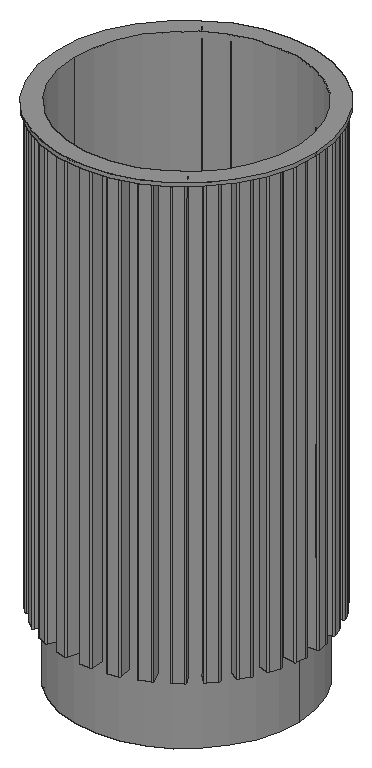
Revit family "55653 Урна «Стеллар Вуд» круглая Хоббика", category Антураж, Revit 2018
Family settings
  На основе рабочей плоскости = Нет
  Всегда вертикально = Да
  При загрузке вырезать с полостями = Нет
  Источник визуального образа = Геометрия семейства
  Общий = Нет
  Точка расчета площади = Нет
Parameters (values of type "Урна «Стеллар Вуд» круглая")
  Ширина = Диаметр  # 395 mm
  Цвет урны = Сталь
  Цвет отделки = Дерево
  Описание = "Урна «Стеллар Вуд» круглая"  # constant formula
  Материал изделия = "Сталь, дерево"  # constant formula
  Изображение типоразмера = Урна «Стеллар Вуд» круглая Арт 55653.jpg
  Изготовитель = "ООО «Хоббика»"  # constant formula
  Длина = Диаметр  # 395 mm
  Диаметр = 395 mm  # constant formula
  Группа модели = "Уличные урны"  # constant formula
  Высота = 785 mm  # constant formula
  Артикул товара = "Арт. 55653"  # constant formula
  URL = "https://hobbyka.ru/product/urna_stellar_kruglaya"
Reference planes
  plane 1 "По центру (Вперед/Назад)": y = 0
  plane 2: z = 0
  plane 3 "По центру (Влево/Вправо)": x = 0
  plane 4: x = 395
  plane 5: y = 395
  plane 6: z = 785
Forms (mm)
  Extrusion 1, solid, material "Сталь" <- "Цвет урны"
    sketch origin (0, 0, 0) x (1, 0, 0) y (0, 1, 0)
      loop
        circle (197.5, 197.5) r 172.5
    from 0 to 785
  Extrusion 2, void
    sketch origin (0, 0, 0) x (1, 0, 0) y (0, 1, 0)
      loop
        circle (197.5, 197.5) r 171
    from 1.5 to 785
  Extrusion 3, solid, material "Сталь" <- "Цвет урны"
    sketch origin (0, 0, 0) x (1, 0, 0) y (0, 1, 0)
      loop
        circle (197.5, 197.5) r 197.5
      loop
        circle (197.5, 197.5) r 172.5
    from 780 to 785
  Extrusion 4, solid, material "Дерево" <- "Цвет отделки"
    sketch origin (0, 0, 0) x (1, 0, 0) y (0, 1, 0)
      loop
        arc (190, 390) -> (188.232, 389.268) -> (187.5, 387.5) r 2.5
        line (187.5, 387.5) -> (187.5, 370) -> (207.5, 370) -> (207.5, 387.5)
        arc (207.5, 387.5) -> (206.768, 389.268) -> (205, 390) r 2.5
        line (205, 390) -> (190, 390)
    from 100 to 780
  Extrusion 5, solid, material "Дерево" <- "Цвет отделки"
    sketch origin (45.378, -36.747, 0) x (0.978148, 0.207912, 0) y (-0.207912, 0.978148, 0)
      loop
        arc (190, 390) -> (188.232, 389.268) -> (187.5, 387.5) r 2.5
        line (187.5, 387.5) -> (187.5, 370) -> (207.5, 370) -> (207.5, 387.5)
        arc (207.5, 387.5) -> (206.768, 389.268) -> (205, 390) r 2.5
        line (205, 390) -> (190, 390)
    from 100 to 780
  Extrusion 6, solid, material "Дерево" <- "Цвет отделки"
    sketch origin (-36.747, 45.378, 0) x (0.978148, -0.207912, 0) y (0.207912, 0.978148, 0)
      loop
        arc (190, 390) -> (188.232, 389.268) -> (187.5, 387.5) r 2.5
        line (187.5, 387.5) -> (187.5, 370) -> (207.5, 370) -> (207.5, 387.5)
        arc (207.5, 387.5) -> (206.768, 389.268) -> (205, 390) r 2.5
        line (205, 390) -> (190, 390)
    from 100 to 780
  Extrusion 7, solid, material "Дерево" <- "Цвет отделки"
    sketch origin (-63.256, 97.405, 0) x (0.913545, -0.406737, 0) y (0.406737, 0.913545, 0)
      loop
        arc (190, 390) -> (188.232, 389.268) -> (187.5, 387.5) r 2.5
        line (187.5, 387.5) -> (187.5, 370) -> (207.5, 370) -> (207.5, 387.5)
        arc (207.5, 387.5) -> (206.768, 389.268) -> (205, 390) r 2.5
        line (205, 390) -> (190, 390)
    from 100 to 780
  Extrusion 8, solid, material "Дерево" <- "Цвет отделки"
    sketch origin (-78.368, 153.807, 0) x (0.809017, -0.587785, 0) y (0.587785, 0.809017, 0)
      loop
        arc (190, 390) -> (188.232, 389.268) -> (187.5, 387.5) r 2.5
        line (187.5, 387.5) -> (187.5, 370) -> (207.5, 370) -> (207.5, 387.5)
        arc (207.5, 387.5) -> (206.768, 389.268) -> (205, 390) r 2.5
        line (205, 390) -> (190, 390)
    from 100 to 780
  Extrusion 9, solid, material "Дерево" <- "Цвет отделки"
    sketch origin (-81.424, 212.118, 0) x (0.669131, -0.743145, 0) y (0.743145, 0.669131, 0)
      loop
        arc (190, 390) -> (188.232, 389.268) -> (187.5, 387.5) r 2.5
        line (187.5, 387.5) -> (187.5, 370) -> (207.5, 370) -> (207.5, 387.5)
        arc (207.5, 387.5) -> (206.768, 389.268) -> (205, 390) r 2.5
        line (205, 390) -> (190, 390)
    from 100 to 780
  Extrusion 10, solid, material "Дерево" <- "Цвет отделки"
    sketch origin (-72.29, 269.79, 0) x (0.5, -0.866025, 0) y (0.866025, 0.5, 0)
      loop
        arc (190, 390) -> (188.232, 389.268) -> (187.5, 387.5) r 2.5
        line (187.5, 387.5) -> (187.5, 370) -> (207.5, 370) -> (207.5, 387.5)
        arc (207.5, 387.5) -> (206.768, 389.268) -> (205, 390) r 2.5
        line (205, 390) -> (190, 390)
    from 100 to 780
  Extrusion 11, solid, material "Дерево" <- "Цвет отделки"
    sketch origin (-51.365, 324.303, 0) x (0.309017, -0.951057, 0) y (0.951057, 0.309017, 0)
      loop
        arc (190, 390) -> (188.232, 389.268) -> (187.5, 387.5) r 2.5
        line (187.5, 387.5) -> (187.5, 370) -> (207.5, 370) -> (207.5, 387.5)
        arc (207.5, 387.5) -> (206.768, 389.268) -> (205, 390) r 2.5
        line (205, 390) -> (190, 390)
    from 100 to 780
  Extrusion 12, solid, material "Дерево" <- "Цвет отделки"
    sketch origin (-19.562, 373.274, 0) x (0.104528, -0.994522, 0) y (0.994522, 0.104528, 0)
      loop
        arc (190, 390) -> (188.232, 389.268) -> (187.5, 387.5) r 2.5
        line (187.5, 387.5) -> (187.5, 370) -> (207.5, 370) -> (207.5, 387.5)
        arc (207.5, 387.5) -> (206.768, 389.268) -> (205, 390) r 2.5
        line (205, 390) -> (190, 390)
    from 100 to 780
  Extrusion 13, solid, material "Дерево" <- "Цвет отделки"
    sketch origin (21.726, 414.562, 0) x (-0.104528, -0.994522, 0) y (0.994522, -0.104528, 0)
      loop
        arc (190, 390) -> (188.232, 389.268) -> (187.5, 387.5) r 2.5
        line (187.5, 387.5) -> (187.5, 370) -> (207.5, 370) -> (207.5, 387.5)
        arc (207.5, 387.5) -> (206.768, 389.268) -> (205, 390) r 2.5
        line (205, 390) -> (190, 390)
    from 100 to 780
  Extrusion 14, solid, material "Дерево" <- "Цвет отделки"
    sketch origin (70.697, 446.365, 0) x (-0.309017, -0.951057, 0) y (0.951057, -0.309017, 0)
      loop
        arc (190, 390) -> (188.232, 389.268) -> (187.5, 387.5) r 2.5
        line (187.5, 387.5) -> (187.5, 370) -> (207.5, 370) -> (207.5, 387.5)
        arc (207.5, 387.5) -> (206.768, 389.268) -> (205, 390) r 2.5
        line (205, 390) -> (190, 390)
    from 100 to 780
  Extrusion 15, solid, material "Дерево" <- "Цвет отделки"
    sketch origin (125.21, 467.29, 0) x (-0.5, -0.866025, 0) y (0.866025, -0.5, 0)
      loop
        arc (190, 390) -> (188.232, 389.268) -> (187.5, 387.5) r 2.5
        line (187.5, 387.5) -> (187.5, 370) -> (207.5, 370) -> (207.5, 387.5)
        arc (207.5, 387.5) -> (206.768, 389.268) -> (205, 390) r 2.5
        line (205, 390) -> (190, 390)
    from 100 to 780
  Extrusion 16, solid, material "Дерево" <- "Цвет отделки"
    sketch origin (182.882, 476.424, 0) x (-0.669131, -0.743145, 0) y (0.743145, -0.669131, 0)
      loop
        arc (190, 390) -> (188.232, 389.268) -> (187.5, 387.5) r 2.5
        line (187.5, 387.5) -> (187.5, 370) -> (207.5, 370) -> (207.5, 387.5)
        arc (207.5, 387.5) -> (206.768, 389.268) -> (205, 390) r 2.5
        line (205, 390) -> (190, 390)
    from 100 to 780
  Extrusion 17, solid, material "Дерево" <- "Цвет отделки"
    sketch origin (241.193, 473.368, 0) x (-0.809017, -0.587785, 0) y (0.587785, -0.809017, 0)
      loop
        arc (190, 390) -> (188.232, 389.268) -> (187.5, 387.5) r 2.5
        line (187.5, 387.5) -> (187.5, 370) -> (207.5, 370) -> (207.5, 387.5)
        arc (207.5, 387.5) -> (206.768, 389.268) -> (205, 390) r 2.5
        line (205, 390) -> (190, 390)
    from 100 to 780
  Extrusion 18, solid, material "Дерево" <- "Цвет отделки"
    sketch origin (297.595, 458.256, 0) x (-0.913545, -0.406737, 0) y (0.406737, -0.913545, 0)
      loop
        arc (190, 390) -> (188.232, 389.268) -> (187.5, 387.5) r 2.5
        line (187.5, 387.5) -> (187.5, 370) -> (207.5, 370) -> (207.5, 387.5)
        arc (207.5, 387.5) -> (206.768, 389.268) -> (205, 390) r 2.5
        line (205, 390) -> (190, 390)
    from 100 to 780
  Extrusion 19, solid, material "Дерево" <- "Цвет отделки"
    sketch origin (349.622, 431.747, 0) x (-0.978148, -0.207912, 0) y (0.207912, -0.978148, 0)
      loop
        arc (190, 390) -> (188.232, 389.268) -> (187.5, 387.5) r 2.5
        line (187.5, 387.5) -> (187.5, 370) -> (207.5, 370) -> (207.5, 387.5)
        arc (207.5, 387.5) -> (206.768, 389.268) -> (205, 390) r 2.5
        line (205, 390) -> (190, 390)
    from 100 to 780
  Extrusion 20, solid, material "Дерево" <- "Цвет отделки"
    sketch origin (395, 395, 0) x (-1, 0, 0) y (0, -1, 0)
      loop
        arc (190, 390) -> (188.232, 389.268) -> (187.5, 387.5) r 2.5
        line (187.5, 387.5) -> (187.5, 370) -> (207.5, 370) -> (207.5, 387.5)
        arc (207.5, 387.5) -> (206.768, 389.268) -> (205, 390) r 2.5
        line (205, 390) -> (190, 390)
    from 100 to 780
  Extrusion 21, solid, material "Дерево" <- "Цвет отделки"
    sketch origin (431.747, 349.622, 0) x (-0.978148, 0.207912, 0) y (-0.207912, -0.978148, 0)
      loop
        arc (190, 390) -> (188.232, 389.268) -> (187.5, 387.5) r 2.5
        line (187.5, 387.5) -> (187.5, 370) -> (207.5, 370) -> (207.5, 387.5)
        arc (207.5, 387.5) -> (206.768, 389.268) -> (205, 390) r 2.5
        line (205, 390) -> (190, 390)
    from 100 to 780
  Extrusion 22, solid, material "Дерево" <- "Цвет отделки"
    sketch origin (458.256, 297.595, 0) x (-0.913545, 0.406737, 0) y (-0.406737, -0.913545, 0)
      loop
        arc (190, 390) -> (188.232, 389.268) -> (187.5, 387.5) r 2.5
        line (187.5, 387.5) -> (187.5, 370) -> (207.5, 370) -> (207.5, 387.5)
        arc (207.5, 387.5) -> (206.768, 389.268) -> (205, 390) r 2.5
        line (205, 390) -> (190, 390)
    from 100 to 780
  Extrusion 23, solid, material "Дерево" <- "Цвет отделки"
    sketch origin (473.368, 241.193, 0) x (-0.809017, 0.587785, 0) y (-0.587785, -0.809017, 0)
      loop
        arc (190, 390) -> (188.232, 389.268) -> (187.5, 387.5) r 2.5
        line (187.5, 387.5) -> (187.5, 370) -> (207.5, 370) -> (207.5, 387.5)
        arc (207.5, 387.5) -> (206.768, 389.268) -> (205, 390) r 2.5
        line (205, 390) -> (190, 390)
    from 100 to 780
  Extrusion 24, solid, material "Дерево" <- "Цвет отделки"
    sketch origin (476.424, 182.882, 0) x (-0.669131, 0.743145, 0) y (-0.743145, -0.669131, 0)
      loop
        arc (190, 390) -> (188.232, 389.268) -> (187.5, 387.5) r 2.5
        line (187.5, 387.5) -> (187.5, 370) -> (207.5, 370) -> (207.5, 387.5)
        arc (207.5, 387.5) -> (206.768, 389.268) -> (205, 390) r 2.5
        line (205, 390) -> (190, 390)
    from 100 to 780
  Extrusion 25, solid, material "Дерево" <- "Цвет отделки"
    sketch origin (467.29, 125.21, 0) x (-0.5, 0.866025, 0) y (-0.866025, -0.5, 0)
      loop
        arc (190, 390) -> (188.232, 389.268) -> (187.5, 387.5) r 2.5
        line (187.5, 387.5) -> (187.5, 370) -> (207.5, 370) -> (207.5, 387.5)
        arc (207.5, 387.5) -> (206.768, 389.268) -> (205, 390) r 2.5
        line (205, 390) -> (190, 390)
    from 100 to 780
  Extrusion 26, solid, material "Дерево" <- "Цвет отделки"
    sketch origin (446.365, 70.697, 0) x (-0.309017, 0.951057, 0) y (-0.951057, -0.309017, 0)
      loop
        arc (190, 390) -> (188.232, 389.268) -> (187.5, 387.5) r 2.5
        line (187.5, 387.5) -> (187.5, 370) -> (207.5, 370) -> (207.5, 387.5)
        arc (207.5, 387.5) -> (206.768, 389.268) -> (205, 390) r 2.5
        line (205, 390) -> (190, 390)
    from 100 to 780
  Extrusion 27, solid, material "Дерево" <- "Цвет отделки"
    sketch origin (414.562, 21.726, 0) x (-0.104528, 0.994522, 0) y (-0.994522, -0.104528, 0)
      loop
        arc (190, 390) -> (188.232, 389.268) -> (187.5, 387.5) r 2.5
        line (187.5, 387.5) -> (187.5, 370) -> (207.5, 370) -> (207.5, 387.5)
        arc (207.5, 387.5) -> (206.768, 389.268) -> (205, 390) r 2.5
        line (205, 390) -> (190, 390)
    from 100 to 780
  Extrusion 28, solid, material "Дерево" <- "Цвет отделки"
    sketch origin (373.274, -19.562, 0) x (0.104528, 0.994522, 0) y (-0.994522, 0.104528, 0)
      loop
        arc (190, 390) -> (188.232, 389.268) -> (187.5, 387.5) r 2.5
        line (187.5, 387.5) -> (187.5, 370) -> (207.5, 370) -> (207.5, 387.5)
        arc (207.5, 387.5) -> (206.768, 389.268) -> (205, 390) r 2.5
        line (205, 390) -> (190, 390)
    from 100 to 780
  Extrusion 29, solid, material "Дерево" <- "Цвет отделки"
    sketch origin (324.303, -51.365, 0) x (0.309017, 0.951057, 0) y (-0.951057, 0.309017, 0)
      loop
        arc (190, 390) -> (188.232, 389.268) -> (187.5, 387.5) r 2.5
        line (187.5, 387.5) -> (187.5, 370) -> (207.5, 370) -> (207.5, 387.5)
        arc (207.5, 387.5) -> (206.768, 389.268) -> (205, 390) r 2.5
        line (205, 390) -> (190, 390)
    from 100 to 780
  Extrusion 30, solid, material "Дерево" <- "Цвет отделки"
    sketch origin (269.79, -72.29, 0) x (0.5, 0.866025, 0) y (-0.866025, 0.5, 0)
      loop
        arc (190, 390) -> (188.232, 389.268) -> (187.5, 387.5) r 2.5
        line (187.5, 387.5) -> (187.5, 370) -> (207.5, 370) -> (207.5, 387.5)
        arc (207.5, 387.5) -> (206.768, 389.268) -> (205, 390) r 2.5
        line (205, 390) -> (190, 390)
    from 100 to 780
  Extrusion 31, solid, material "Дерево" <- "Цвет отделки"
    sketch origin (212.118, -81.424, 0) x (0.669131, 0.743145, 0) y (-0.743145, 0.669131, 0)
      loop
        arc (190, 390) -> (188.232, 389.268) -> (187.5, 387.5) r 2.5
        line (187.5, 387.5) -> (187.5, 370) -> (207.5, 370) -> (207.5, 387.5)
        arc (207.5, 387.5) -> (206.768, 389.268) -> (205, 390) r 2.5
        line (205, 390) -> (190, 390)
    from 100 to 780
  Extrusion 32, solid, material "Дерево" <- "Цвет отделки"
    sketch origin (153.807, -78.368, 0) x (0.809017, 0.587785, 0) y (-0.587785, 0.809017, 0)
      loop
        arc (190, 390) -> (188.232, 389.268) -> (187.5, 387.5) r 2.5
        line (187.5, 387.5) -> (187.5, 370) -> (207.5, 370) -> (207.5, 387.5)
        arc (207.5, 387.5) -> (206.768, 389.268) -> (205, 390) r 2.5
        line (205, 390) -> (190, 390)
    from 100 to 780
  Extrusion 33, solid, material "Дерево" <- "Цвет отделки"
    sketch origin (97.405, -63.256, 0) x (0.913545, 0.406737, 0) y (-0.406737, 0.913545, 0)
      loop
        arc (190, 390) -> (188.232, 389.268) -> (187.5, 387.5) r 2.5
        line (187.5, 387.5) -> (187.5, 370) -> (207.5, 370) -> (207.5, 387.5)
        arc (207.5, 387.5) -> (206.768, 389.268) -> (205, 390) r 2.5
        line (205, 390) -> (190, 390)
    from 100 to 780
Cuts and joins
  Extrusion 2 cuts Extrusion 1
  joined: Extrusion 1, Extrusion 3
Lines and regions (mm)
  reference lines
    curve 1: circle (197.5, 197.5, 0) r 197.5 normal (0, 0, 1)
Dimensions and locks
  "Длина": plane 4 to plane 3 "По центру (Влево/Вправо)"
  "Ширина": plane 5 to plane 1 "По центру (Вперед/Назад)"
  "Высота": plane 6 to plane 2
  "Диаметр": diameter of curve 1
  aligned and locked: level to plane 2
Automatic sketch dimensions
  plane 3 "По центру (Влево/Вправо)" to curve 1 = 197.5 mm
  curve 1 to plane 1 "По центру (Вперед/Назад)" = 197.5 mm
  Extrusion 2 sketch curve to Extrusion 2 sketch curve = 0 mm  (x2)
  plane 3 "По центру (Влево/Вправо)" to Extrusion 2 sketch curve = 197.5 mm
  Extrusion 2 sketch curve to plane 1 "По центру (Вперед/Назад)" = 197.5 mm
  plane 3 "По центру (Влево/Вправо)" to Extrusion 2 sketch curve = 26.5 mm
  plane 3 "По центру (Влево/Вправо)" to Extrusion 3 sketch curve = 197.5 mm
  Extrusion 3 sketch curve to plane 1 "По центру (Вперед/Назад)" = 197.5 mm
  Extrusion 3 sketch curve to Extrusion 3 sketch curve = 0 mm  (x2)
  plane 3 "По центру (Влево/Вправо)" to Extrusion 3 sketch curve = 25 mm
  Extrusion 4 sketch curve to Extrusion 4 sketch curve = 2.5 mm  (x2)
  Extrusion 4 sketch curve to Extrusion 4 sketch curve = 15 mm
  Extrusion 4 sketch curve to Extrusion 4 sketch curve = 17.5 mm
  Extrusion 5 sketch curve to Extrusion 5 sketch curve = 2.5 mm  (x2)
  Extrusion 5 sketch curve to Extrusion 5 sketch curve = 15 mm
  Extrusion 5 sketch curve to Extrusion 5 sketch curve = 17.5 mm
  Extrusion 6 sketch curve to Extrusion 6 sketch curve = 2.5 mm  (x2)
  Extrusion 6 sketch curve to Extrusion 6 sketch curve = 15 mm
  Extrusion 6 sketch curve to Extrusion 6 sketch curve = 17.5 mm
  Extrusion 7 sketch curve to Extrusion 7 sketch curve = 2.5 mm  (x2)
  Extrusion 7 sketch curve to Extrusion 7 sketch curve = 15 mm
  Extrusion 7 sketch curve to Extrusion 7 sketch curve = 17.5 mm
  Extrusion 8 sketch curve to Extrusion 8 sketch curve = 2.5 mm  (x2)
  Extrusion 8 sketch curve to Extrusion 8 sketch curve = 15 mm
  Extrusion 8 sketch curve to Extrusion 8 sketch curve = 17.5 mm
  Extrusion 9 sketch curve to Extrusion 9 sketch curve = 2.5 mm  (x2)
  Extrusion 9 sketch curve to Extrusion 9 sketch curve = 15 mm
  Extrusion 9 sketch curve to Extrusion 9 sketch curve = 17.5 mm
  Extrusion 10 sketch curve to Extrusion 10 sketch curve = 2.5 mm  (x2)
  Extrusion 10 sketch curve to Extrusion 10 sketch curve = 15 mm
  Extrusion 10 sketch curve to Extrusion 10 sketch curve = 17.5 mm
  Extrusion 11 sketch curve to Extrusion 11 sketch curve = 2.5 mm  (x2)
  Extrusion 11 sketch curve to Extrusion 11 sketch curve = 15 mm
  Extrusion 11 sketch curve to Extrusion 11 sketch curve = 17.5 mm
  Extrusion 12 sketch curve to Extrusion 12 sketch curve = 2.5 mm  (x2)
  Extrusion 12 sketch curve to Extrusion 12 sketch curve = 15 mm
  Extrusion 12 sketch curve to Extrusion 12 sketch curve = 17.5 mm
  Extrusion 13 sketch curve to Extrusion 13 sketch curve = 2.5 mm  (x2)
  Extrusion 13 sketch curve to Extrusion 13 sketch curve = 15 mm
  Extrusion 13 sketch curve to Extrusion 13 sketch curve = 17.5 mm
  Extrusion 14 sketch curve to Extrusion 14 sketch curve = 2.5 mm  (x2)
  Extrusion 14 sketch curve to Extrusion 14 sketch curve = 15 mm
  Extrusion 14 sketch curve to Extrusion 14 sketch curve = 17.5 mm
  Extrusion 15 sketch curve to Extrusion 15 sketch curve = 2.5 mm  (x2)
  Extrusion 15 sketch curve to Extrusion 15 sketch curve = 15 mm
  Extrusion 15 sketch curve to Extrusion 15 sketch curve = 17.5 mm
  Extrusion 16 sketch curve to Extrusion 16 sketch curve = 2.5 mm  (x2)
  Extrusion 16 sketch curve to Extrusion 16 sketch curve = 15 mm
  Extrusion 16 sketch curve to Extrusion 16 sketch curve = 17.5 mm
  Extrusion 17 sketch curve to Extrusion 17 sketch curve = 2.5 mm  (x2)
  Extrusion 17 sketch curve to Extrusion 17 sketch curve = 15 mm
  Extrusion 17 sketch curve to Extrusion 17 sketch curve = 17.5 mm
  Extrusion 18 sketch curve to Extrusion 18 sketch curve = 2.5 mm  (x2)
  Extrusion 18 sketch curve to Extrusion 18 sketch curve = 15 mm
  Extrusion 18 sketch curve to Extrusion 18 sketch curve = 17.5 mm
  Extrusion 19 sketch curve to Extrusion 19 sketch curve = 2.5 mm  (x2)
  Extrusion 19 sketch curve to Extrusion 19 sketch curve = 15 mm
  Extrusion 19 sketch curve to Extrusion 19 sketch curve = 17.5 mm
  Extrusion 20 sketch curve to Extrusion 20 sketch curve = 2.5 mm  (x2)
  Extrusion 20 sketch curve to Extrusion 20 sketch curve = 15 mm
  Extrusion 20 sketch curve to Extrusion 20 sketch curve = 17.5 mm
  Extrusion 21 sketch curve to Extrusion 21 sketch curve = 2.5 mm  (x2)
  Extrusion 21 sketch curve to Extrusion 21 sketch curve = 15 mm
  Extrusion 21 sketch curve to Extrusion 21 sketch curve = 17.5 mm
  Extrusion 22 sketch curve to Extrusion 22 sketch curve = 2.5 mm  (x2)
  Extrusion 22 sketch curve to Extrusion 22 sketch curve = 15 mm
  Extrusion 22 sketch curve to Extrusion 22 sketch curve = 17.5 mm
  Extrusion 23 sketch curve to Extrusion 23 sketch curve = 2.5 mm  (x2)
  Extrusion 23 sketch curve to Extrusion 23 sketch curve = 15 mm
  Extrusion 23 sketch curve to Extrusion 23 sketch curve = 17.5 mm
  Extrusion 24 sketch curve to Extrusion 24 sketch curve = 2.5 mm  (x2)
  Extrusion 24 sketch curve to Extrusion 24 sketch curve = 15 mm
  Extrusion 24 sketch curve to Extrusion 24 sketch curve = 17.5 mm
  Extrusion 25 sketch curve to Extrusion 25 sketch curve = 2.5 mm  (x2)
  Extrusion 25 sketch curve to Extrusion 25 sketch curve = 15 mm
  Extrusion 25 sketch curve to Extrusion 25 sketch curve = 17.5 mm
  Extrusion 26 sketch curve to Extrusion 26 sketch curve = 2.5 mm  (x2)
  Extrusion 26 sketch curve to Extrusion 26 sketch curve = 15 mm
  Extrusion 26 sketch curve to Extrusion 26 sketch curve = 17.5 mm
  Extrusion 27 sketch curve to Extrusion 27 sketch curve = 2.5 mm  (x2)
  Extrusion 27 sketch curve to Extrusion 27 sketch curve = 15 mm
  Extrusion 27 sketch curve to Extrusion 27 sketch curve = 17.5 mm
  Extrusion 28 sketch curve to Extrusion 28 sketch curve = 2.5 mm  (x2)
  Extrusion 28 sketch curve to Extrusion 28 sketch curve = 15 mm
  Extrusion 28 sketch curve to Extrusion 28 sketch curve = 17.5 mm
  Extrusion 29 sketch curve to Extrusion 29 sketch curve = 2.5 mm  (x2)
  Extrusion 29 sketch curve to Extrusion 29 sketch curve = 15 mm
  Extrusion 29 sketch curve to Extrusion 29 sketch curve = 17.5 mm
  Extrusion 30 sketch curve to Extrusion 30 sketch curve = 2.5 mm  (x2)
  Extrusion 30 sketch curve to Extrusion 30 sketch curve = 15 mm
  Extrusion 30 sketch curve to Extrusion 30 sketch curve = 17.5 mm
  Extrusion 31 sketch curve to Extrusion 31 sketch curve = 2.5 mm  (x2)
  Extrusion 31 sketch curve to Extrusion 31 sketch curve = 15 mm
  Extrusion 31 sketch curve to Extrusion 31 sketch curve = 17.5 mm
  Extrusion 32 sketch curve to Extrusion 32 sketch curve = 2.5 mm  (x2)
  Extrusion 32 sketch curve to Extrusion 32 sketch curve = 15 mm
  Extrusion 32 sketch curve to Extrusion 32 sketch curve = 17.5 mm
  Extrusion 33 sketch curve to Extrusion 33 sketch curve = 2.5 mm  (x2)
  Extrusion 33 sketch curve to Extrusion 33 sketch curve = 15 mm
  Extrusion 33 sketch curve to Extrusion 33 sketch curve = 17.5 mm
  radius of Extrusion 3 sketch curve = 197.5 mm
